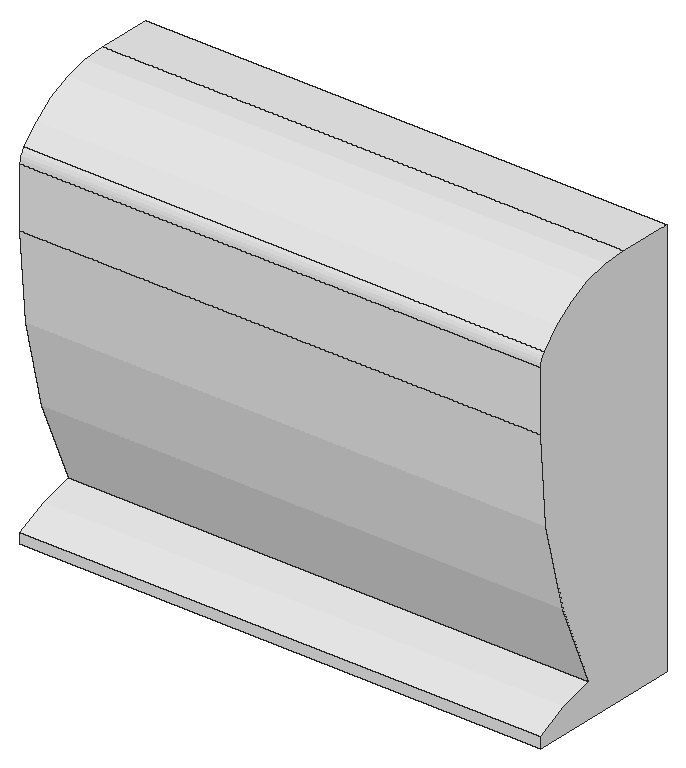
Revit family "Hitachi_RAF-35NXA_RAF50NXA_VER2_0813", category Mechanical Equipment, Revit 2013
Parameters (values of type "RAF-35NXA1")
  show Overhead Dashed [instance] = no
  show Geometry [instance] = not(show Overhead Dashed)  # yes
  Width = 760 mm  # constant formula
  Weight (kg) = 14  # constant formula
  URL = "www.temperzone.biz"
  Pipe Length (min./max.) = "3m to 20m"
  Pipe Height (max.) = "10m"
  Pipe Connection Size - Gas = 9.50 mm
  Pip Connection Size - Liquid = 6.4 mm  # 6.40 mm
  Model - Outdoor = "RAC-35NXA1"
  Model = "RAF-35NXA1"
  Matching Unit - Outdoor = "RAC-35NXA1"
  Manufacturer = "Hitachi"
  Height = 600 mm  # constant formula
  Heating Range (kW) = "1.1 kW to 5.2 kW"
  Heating Capacity = 4.2 kW
  Energy Star = yes
  Description = "Hitachi Floor Mounted 3.5kW Heatpump RAF-35NXA1"
  Depth = 235 mm  # constant formula
  Dehumidifying Capacity = "1.6 l/h"
  Cooling Range (kW) = "1.1 kW to 4.2 kW"
  Cooling Capacity = 3.5 kW
Types (2, lengths in mm): name | Pipe Connection Size - Gas | Model - Outdoor | Model | Matching Unit - Outdoor | Heating Range (kW) | Heating Capacity | Description | Dehumidifying Capacity | Cooling Range (kW) | Cooling Capacity
  RAF-35NXA1 | 9.50 | "RAC-35NXA1" | "RAF-35NXA1" | "RAC-35NXA1" | "1.1 kW to 5.2 kW" | 4.2 kW | "Hitachi Floor Mounted 3.5kW Heatpump RAF-35NXA1" | "1.6 l/h" | "1.1 kW to 4.2 kW" | 3.5 kW
  RAF-50NXA1 | 12.70 | "RAC-50NXA1" | "RAF-50NXA1" | "RAC-50NXA1" | "2.2 kW to 7.3 kW" | 6 kW | "Hitachi Floor Mounted 5.0kW Heatpump RAF-50NXA1" | "2.0 l/h" | "1.1 kW to 5.2 kW" | 5 kW
Reference planes
  plane 1 "Center (Front/Back)": y = 0
  plane 2: z = 0
  plane 3 "Center (Left/Right)": x = 0
  plane 4: x = -390
  plane 5: x = 390
Forms (mm)
  Sweep 1, solid, material "Temperzone - Heatpump", visible <- "show Geometry", detail levels coarse
    path origin (0, 0, 0) x (1, 0, 0) y (0, 1, 0)
      loop
        line (390, 0) -> (-390, 0)
    profile "RAF-35NXA1_RAF50NXA1_Coarse : Type 1" origin (0, 0, 0) x (0, -1, 0) y (0, 0, 1)
      loop
        line (0, 0) -> (235, 0) -> (235, 600) -> (0, 600) -> (0, 0)
  Sweep 2, solid, material "Temperzone - Heatpump", detail levels coarse
    path origin (0, 0, 0) x (1, 0, 0) y (0, 1, 0)
      loop
        line (390, 0) -> (-390, 0)
    profile "RAF-35NXA1_RAF50NXA1_Coarse : Type 1" origin (0, 0, 0) x (0, -1, 0) y (0, 0, 1)
      loop
        line (0, 0) -> (235, 0) -> (235, 600) -> (0, 600) -> (0, 0)
  Sweep 3, solid, material "Temperzone - Heatpump", visible <- "show Geometry", detail levels medium+fine
    path origin (1011.365, 0, 0) x (1, 0, 0) y (0, 1, 0)
      loop
        line (-621.365, 0) -> (-1401.365, 0)
    profile "RAF-35NXA1_RAF50NXA1_Medium : Type 1" origin (0, 0, 0) x (0, -1, 0) y (0, 0, 1)
      loop
        line (0, 0) -> (235, 0) -> (235, 15)
        arc (235, 15) -> (191.739, 36.972) -> (145, 50) r 245.341
        arc (145, 50) -> (212.178, 230.132) -> (235, 421.024) r 809.769
        line (235, 421.024) -> (235, 510.813)
        arc (235, 510.813) -> (233.251, 520.908) -> (228.207, 529.825) r 30
        arc (228.207, 529.825) -> (161.991, 581.57) -> (80, 600) r 191.591
        line (80, 600) -> (0, 600) -> (0, 0)
  Sweep 4, solid, material "Temperzone - Heatpump", detail levels medium+fine
    path origin (1045.171, 0, 0) x (1, 0, 0) y (0, 1, 0)
      loop
        line (-655.171, 0) -> (-1435.171, 0)
    profile "RAF-35NXA1_RAF50NXA1_Medium : Type 1" origin (0, 0, 0) x (0, -1, 0) y (0, 0, 1)
      loop
        line (0, 0) -> (235, 0) -> (235, 15)
        arc (235, 15) -> (191.739, 36.972) -> (145, 50) r 245.341
        arc (145, 50) -> (212.178, 230.132) -> (235, 421.024) r 809.769
        line (235, 421.024) -> (235, 510.813)
        arc (235, 510.813) -> (233.251, 520.908) -> (228.207, 529.825) r 30
        arc (228.207, 529.825) -> (161.991, 581.57) -> (80, 600) r 191.591
        line (80, 600) -> (0, 600) -> (0, 0)
Lines and regions (mm)
  symbolic lines, style "Overhead", visible <- "show Overhead Dashed"
    curve 1: line (-390, -235, 0) -> (-390, 0, 0)
    curve 2: line (-390, -235, 0) -> (390, -235, 0)
    curve 3: line (390, 0, 0) -> (-390, 0, 0)
    curve 4: line (390, 0, 0) -> (390, -235, 0)
Dimensions and locks
  equal spacing: plane 4, plane 3 "Center (Left/Right)", plane 5
  plane 4 to plane 5 = 780 mm
  aligned and locked: level to plane 2
  aligned and locked: Sweep 1 sketch curve to plane 1 "Center (Front/Back)"
  aligned and locked: curve 1 to Sweep 2
  aligned and locked: curve 2 to Sweep 2
  aligned and locked: curve 3 to Sweep 4
  aligned and locked: curve 4 to Sweep 4
Automatic sketch dimensions
  Sweep 4 sketch curve to plane 4 = 0 mm
  Sweep 4 sketch curve to plane 5 = 0 mm
  plane 1 "Center (Front/Back)" to Sweep 4 sketch curve = 0 mm
  Sweep 3 sketch curve to plane 4 = 0 mm
  Sweep 3 sketch curve to plane 5 = 0 mm
  plane 1 "Center (Front/Back)" to Sweep 3 sketch curve = 0 mm
  Sweep 2 sketch curve to plane 4 = 0 mm
  Sweep 2 sketch curve to plane 5 = 0 mm
  plane 1 "Center (Front/Back)" to Sweep 2 sketch curve = 0 mm
  Sweep 1 sketch curve to plane 4 = 0 mm
  Sweep 1 sketch curve to plane 5 = 0 mm
